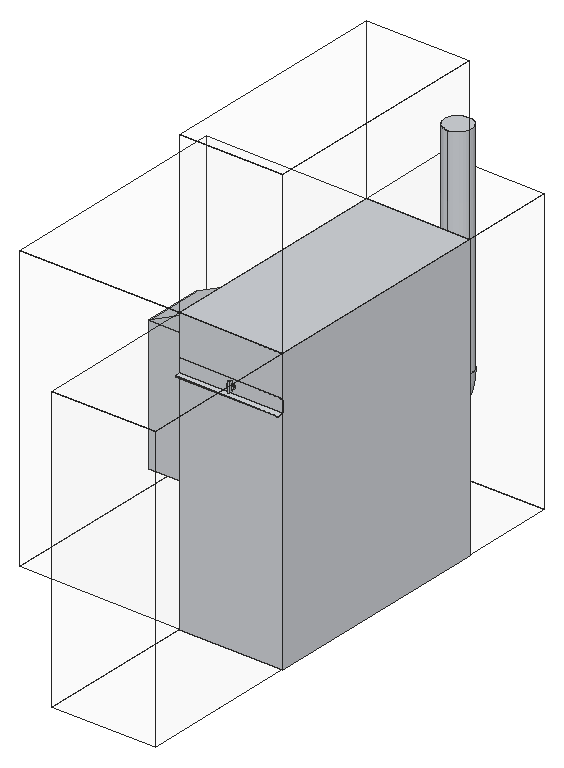
Revit family "Outdoor Armor Water Heater OAN400-OA601", category Mechanical Equipment, Revit 2014
Parameters (values of type "OAN601")
  WATER CONN SIZE = Water Conn Radius * 2  # 2"
  SES BIM Studio # = "16 0649 04-2"
  Water Outlet Radius = 11 3/4"
  J_Flue Depth = Center of Flue + Flue Radius  # 9 1/2"
  H_Gas Conn Offset from Back = 3 1/2"
  F_ Water Outlet Offset from Back = 14 1/4"
  Water Conn Radius = 1"
  G_Water Inlet Offset from Back = 3 1/2"
  WIDTH = 15 1/2"
  Voltage/Heater = "120"
  Voltage/Control = "24"
  URL = "http://www.lochinvar.com/products/Default.aspx?type=ProductLine&lineID=195"
  Total Amps = "1.5"
  Model = "OAN601"
  Manufacturer = "Lochinvar"
  MODEL NO. = Model  # "OAN601"
  Gas Conn Radius = 1/2"
  H_Gas Conn Offset from Left = 4 1/2"
  I_Gas Conn Height = 32 3/4"
  GAS CONN SIZE = Gas Conn Radius * 2  # 1"
  GALLON CAPACITY = ""
  Flue Radius = 2"
  VENT SIZE = Flue Radius * 2  # 4"
  D_ Drain Offset From Back = 21"
  C_ DEPTH = 35"
  INPUT RATE (BTUH) = "600,000"
  Center of Flue = 7 1/2"
  A_HEIGHT = 42 1/2"
  FUEL TYPE = "NATURAL GAS"
  Description = "Armor Outdoor Water Heater"
  Fuel Type = "Natural or LP"
  E_Condensate Drain Offset from Back = 25"
  K_Flue Height = 52"
  # of Electrical Connections = "1"
Types (4): name | J_Flue Depth | H_Gas Conn Offset from Back | G_Water Inlet Offset from Back | Model | MODEL NO. | H_Gas Conn Offset from Left | I_Gas Conn Height | D_ Drain Offset From Back | C_ DEPTH | INPUT RATE (BTUH) | Center of Flue | E_Condensate Drain Offset from Back | K_Flue Height
  (no name) | 9 1/2" | 3 1/2" | 3 1/2" | "OAN601" | "OAN601" | 4 1/2" | 32 3/4" | 21" | 35" | "600,000" | 7 1/2" | 25" | 52"
  OAN400 | 9 3/4" | 7" | 3 1/2" | "OAN400" | "OAN400" | 4 1/4" | 34" | 21" | 25 1/4" | "399,000" | 7 3/4" | 20 3/4" | 52"
  OAN501 | 9 3/4" | 3 1/2" | 3 3/4" | "OAN501" | "OAN501" | 3 1/2" | 35 1/4" | 21 1/4" | 31 1/2" | "500,000" | 7 3/4" | 25" | 52 3/4"
  OAN601 | 9 1/2" | 3 1/2" | 3 1/2" | "OAN601" | "OAN601" | 4 1/2" | 32 3/4" | 21" | 35" | "600,000" | 7 1/2" | 25" | 52"
Reference planes (in)
  plane 1 "Center (Front/Back)": y = 6.125
  plane 2: z = 0
  plane 3 "Center (Left/Right)": x = -1.39218
  plane 4 "Back": y = 23.625
  plane 5 "Front": y = -11.375
  plane 6 "Top": z = 42.5
  plane 7 "Right": x = 6.35782
  plane 8 "Left": x = -9.14218
  plane 9 "Front Clearance": y = -35.375
  plane 10 "Back Clearance": y = 37.625
  plane 11 "Left Clearance": x = -33.14218
  plane 12 "Top Clearance": z = 66.5
  plane 13 "Air Inlet Front": x = -15.39218
  plane 14 "Air Inlet Right": y = -9.375
  plane 15 "Air Inlet Left": y = -0.375
  plane 16 "Air Inlet Bottom": z = 18.5
  plane 17 "Air Inlet Top": z = 41.5
  plane 18: z = 52
Forms (in)
  Extrusion 1, solid
    sketch origin (-38.1296, -180, 3) x (-1, 0, 0) y (0, -1, 0)
      loop
        line (-28.98742, -203.625) -> (-28.98742, -168.625) -> (-44.48742, -168.625) -> (-44.48742, -203.625) -> (-28.98742, -203.625)
    from 39.5 to -3
  Extrusion 2, solid, material "Clearance"
    sketch origin (-15.62351, 24, -0.75) x (1, 0, 0) y (0, 1, 0)
      loop
        line (6.48133, 13.625) -> (6.48133, -0.375) -> (21.98133, -0.375) -> (21.98133, 13.625) -> (6.48133, 13.625)
    from 0.75 to 43.25
  Extrusion 3, solid, material "Clearance"
    sketch origin (0, 0, 42.5) x (-1, 0, 0) y (0, -1, 0)
      loop
        line (9.14218, 11.375) -> (9.14218, 35.375) -> (-6.35782, 35.375) -> (-6.35782, 11.375) -> (9.14218, 11.375)
    from -42.5 to 0
  Extrusion 4, solid
    sketch origin (-7, 23.625, 14) x (1, 0, 0) y (0, 0, 1)
      loop
        circle (2.35782, 18.75) r 0.5
    from 0 to -2
  Extrusion 5, solid
    sketch origin (-9.14218, 0, 0) x (0, 1, 0) y (0, 0, 1)
      loop
        circle (20.125, 15.5) r 1
    from 0 to -1
  Extrusion 6, solid
    sketch origin (-9.14218, 0, 0) x (0, 1, 0) y (0, 0, 1)
      loop
        circle (9.375, 15.5) r 1
    from 0 to -1
  Extrusion 7, solid
    sketch origin (-9.14218, 0, 2.75) x (0, 1, 0) y (0, 0, 1)
      loop
        circle (-1.375, 6.5) r 0.5
    from 0 to -1
  Extrusion 8, solid
    sketch origin (-9.14218, 0.5, 6.5) x (0, 1, 0) y (0, 0, 1)
      loop
        circle (19.625, 24.75) r 0.5
    from 0 to -1
  Extrusion 9, solid, material "Clearance"
    sketch origin (-24, 14, 42.5) x (-1, 0, 0) y (0, -1, 0)
      loop
        line (9.14218, -9.625) -> (9.14218, 25.375) -> (-14.85782, 25.375) -> (-14.85782, -9.625) -> (9.14218, -9.625)
    from -42.5 to 0
  Extrusion 10, solid, material "Clearance"
    sketch origin (-38.1296, -180, 27) x (-1, 0, 0) y (0, -1, 0)
      loop
        line (-28.98742, -203.625) -> (-28.98742, -168.625) -> (-44.48742, -168.625) -> (-44.48742, -203.625) -> (-28.98742, -203.625)
    from 39.5 to 15.5
  Extrusion 11, solid
    sketch origin (4.25, 23.625, 3.28161) x (1, 0, 0) y (0, 0, 1)
      loop
        circle (-0.64218, 35.96839) r 0.75
    from 0 to -1
  Extrusion 12, solid
    sketch origin (-9.14218, -41, -4) x (0, 1, 0) y (0, 0, 1)
      loop
        line (31.625, 42.5) -> (31.625, 22.5) -> (40.625, 22.5) -> (40.625, 42.5) -> (31.625, 42.5)
    from 0 to -6.25
  Extrusion 13, solid
    sketch origin (0, -11.375, 0) x (1, 0, 0) y (0, 0, 1)
      loop
        line (-15.39218, 38.5) -> (-9.14218, 38.5) -> (-9.14218, 41.5) -> (-15.39218, 38.5)
    from -2 to -11
  Sweep 14, solid
    path origin (-9.14218, 0, 0) x (0, 1, 0) y (0, 0, 1)
      loop
        line (23.625, 13.75) -> (25.625, 13.75)
        arc (25.625, 13.75) -> (29.51409, 15.36091) -> (31.125, 19.25) r 5.5
        line (31.125, 19.25) -> (31.125, 52)
    profile origin (-9.14218, 24.625, 13.75) x (0, 0, 1) y (1, 0, 0)
      loop
        circle (0, 7.75) r 2
  Extrusion 15, solid
    sketch origin (-9.14218, 0, 6.5) x (0, 1, 0) y (0, 0, 1)
      loop
        circle (2.625, 6.5) r 0.37579
    from 0 to -1
  Extrusion 16, solid
    sketch origin (-1.39218, 12.75, 0) x (0, 1, 0) y (0, 0, 1)
      loop
        line (14.875, 20.5) -> (10.875, 23.5) -> (10.875, 8.5) -> (14.875, 8.5) -> (14.875, 20.5)
    from 4.5 to -4.5
  Extrusion 17, solid
    sketch origin (-1.39218, 0, 0) x (0, 1, 0) y (0, 0, 1)
      loop
        line (-11.375, 36.5) -> (-11.4411, 36.5) -> (-11.4411, 34.57915) -> (-12.16555, 34.38504) -> (-12.14133, 34.29466) -> (-11.375, 34.5) -> (-11.375, 36.5)
    from 7.75 to -7.75
  Extrusion 18, solid
    sketch origin (0, -11.375, 0) x (1, 0, 0) y (0, 0, 1)
      loop
        line (-1.51887, 36.25) -> (-1.51887, 34.75) -> (-1.26549, 34.75) -> (-1.26549, 36.25) -> (-1.51887, 36.25)
    from 0 to 0.5
  Extrusion 19, solid
    sketch origin (0, -11.375, 0) x (1, 0, 0) y (0, 0, 1)
      loop
        circle (-1.39218, 35.5) r 0.5
    from 0 to 0.25
Lines and regions (in)
  symbolic lines, style "Clearance"
    curve 1: line (-9.14218, 37.625, 0) -> (6.35782, 37.625, 0)
    curve 2: line (6.35782, 37.625, 0) -> (6.35782, 23.625, 0)
    curve 3: line (-9.14218, 37.625, 0) -> (-9.14218, 23.625, 0)
    curve 4: line (-9.14218, 23.625, 0) -> (-33.14218, 23.625, 0)
    curve 5: line (-33.14218, 23.625, 0) -> (-33.14218, -11.375, 0)
    curve 6: line (-33.14218, -11.375, 0) -> (-9.14218, -11.375, 0)
    curve 7: line (-9.14218, -11.375, 0) -> (-9.14218, -35.375, 0)
    curve 8: line (-9.14218, -35.375, 0) -> (6.35782, -35.375, 0)
    curve 9: line (6.35782, -35.375, 0) -> (6.35782, -11.375, 0)
  symbolic lines
    curve 10: line (-9.14218, 23.625, 0) -> (6.35782, 23.625, 0)
    curve 11: line (-9.14218, -11.375, 0) -> (-9.14218, 23.625, 0)
    curve 12: line (6.35782, -11.375, 0) -> (-9.14218, -11.375, 0)
    curve 13: line (6.35782, 23.625, 0) -> (6.35782, -11.375, 0)
Dimensions and locks (in)
  "A_HEIGHT": plane 6 "Top" to level
  equal spacing: plane 8 "Left", plane 3 "Center (Left/Right)", plane 7 "Right"
  "WIDTH": plane 8 "Left" to plane 7 "Right"
  equal spacing: plane 5 "Front", plane 1 "Center (Front/Back)", plane 4 "Back"
  "C_ DEPTH": plane 5 "Front" to plane 4 "Back"
  locked: plane 9 "Front Clearance" to plane 5 "Front" at 24
  "H_Gas Conn Offset from Left": Extrusion 4 sketch curve to plane 8 "Left"
  "I_Gas Conn Height": level to Extrusion 4 sketch curve
  locked: Extrusion 1 to Extrusion 5 at 15.5
  "F_ Water Outlet Offset from Back": plane 4 "Back" to Extrusion 6 sketch curve
  locked: Extrusion 1 to Extrusion 7 at 9.25
  "E_Condensate Drain Offset from Back": plane 4 "Back" to Extrusion 7 sketch curve
  "G_Water Inlet Offset from Back": plane 4 "Back" to Extrusion 5 sketch curve
  plane 12 "Top Clearance" to plane 6 "Top" = 24"
  Extrusion 10 to Extrusion 4 sketch curve = 5"
  locked: plane 11 "Left Clearance" to plane 8 "Left" at 24
  locked: plane 4 "Back" to plane 10 "Back Clearance" at 14
  level to Extrusion 11 sketch curve = 39 1/4"
  locked: plane 14 "Air Inlet Right" to plane 5 "Front" at 2
  locked: plane 15 "Air Inlet Left" to plane 14 "Air Inlet Right" at 9
  locked: plane 7 "Right" to plane 13 "Air Inlet Front" at 21.75
  "H_Gas Conn Offset from Back": plane 4 "Back" to Extrusion 8 sketch curve
  "K_Flue Height": plane 18 to level
  "Center of Flue": Sweep 14 sketch curve to plane 4 "Back"
  Sweep 14 sketch curve to level = 13 3/4"
  "D_ Drain Offset From Back": plane 4 "Back" to Extrusion 15 sketch curve
  Extrusion 15 sketch curve to level = 13"
  Extrusion 18 sketch curve to Extrusion 18 sketch curve = 0.25338"
  "Gas Conn Radius": radius of Extrusion 4 sketch curve
  "Water Conn Radius": radius of Extrusion 5 sketch curve
  "Water Conn Radius": radius of Extrusion 6 sketch curve
  radius of Extrusion 7 sketch curve = 1/2"
  "Gas Conn Radius": radius of Extrusion 8 sketch curve
  "Flue Radius": radius of Sweep 14 sketch curve
  radius of Extrusion 15 sketch curve = 0.37579"
  aligned and locked: plane 5 "Front" to Extrusion 1
  aligned and locked: Extrusion 1 to level
  aligned and locked: Extrusion 3 sketch curve to Extrusion 1  (x2)
  aligned and locked: plane 7 "Right" to Extrusion 3 sketch curve
  aligned and locked: Extrusion 3 to Extrusion 1
  aligned and locked: Extrusion 2 to Extrusion 1  (x4)
  aligned and locked: plane 4 "Back" to Extrusion 2
  aligned and locked: Extrusion 2 to plane 8 "Left"
  aligned and locked: Extrusion 2 to plane 7 "Right"
  aligned and locked: Extrusion 1 to plane 7 "Right"
  aligned and locked: Extrusion 3 to plane 5 "Front"
  aligned and locked: Extrusion 1 to plane 4 "Back"
  aligned and locked: plane 6 "Top" to Extrusion 1
  aligned and locked: plane 6 "Top" to Extrusion 2
  aligned and locked: Extrusion 2 to plane 10 "Back Clearance"
  aligned and locked: plane 5 "Front" to Extrusion 9
  aligned and locked: plane 8 "Left" to Extrusion 9
  aligned and locked: Extrusion 9 to plane 11 "Left Clearance"
  aligned and locked: Extrusion 9 to plane 4 "Back"
  aligned and locked: plane 12 "Top Clearance" to Extrusion 10
  aligned and locked: Extrusion 10 to plane 6 "Top"
  aligned and locked: Extrusion 10 to plane 7 "Right"
  aligned and locked: Extrusion 10 to plane 8 "Left"
  aligned and locked: Extrusion 9 to level
  aligned and locked: Extrusion 2 to Extrusion 3
  aligned and locked: Extrusion 12 to plane 13 "Air Inlet Front"
  aligned and locked: Extrusion 12 to plane 15 "Air Inlet Left"
  aligned and locked: plane 14 "Air Inlet Right" to Extrusion 12
  aligned and locked: Extrusion 12 to plane 16 "Air Inlet Bottom"
  aligned and locked: Extrusion 13 to Extrusion 12
  aligned and locked: Extrusion 12 to Extrusion 13
  aligned and locked: plane 18 to Sweep 14 sketch curve
  aligned and locked: plane 4 "Back" to Extrusion 16
Automatic sketch dimensions
  plane 5 "Front" to curve 6 = 0"
  curve 6 to plane 11 "Left Clearance" = 0"
  curve 11 to plane 8 "Left" = 0"
  curve 9 to plane 7 "Right" = 0"
  plane 9 "Front Clearance" to curve 8 = 0"
  plane 4 "Back" to curve 5 = 0"
  plane 10 "Back Clearance" to curve 1 = 0"
  plane 4 "Back" to Extrusion 1 sketch curve = 0"
  Extrusion 1 sketch curve to plane 7 "Right" = 0"
  plane 5 "Front" to Extrusion 1 sketch curve = 0"
  Extrusion 1 sketch curve to plane 8 "Left" = 0"
  plane 4 "Back" to Extrusion 2 sketch curve = 0"
  Extrusion 2 sketch curve to plane 8 "Left" = 0"
  Extrusion 2 sketch curve to plane 7 "Right" = 0"
  plane 10 "Back Clearance" to Extrusion 2 sketch curve = 0"
  plane 9 "Front Clearance" to Extrusion 3 sketch curve = 0"
  Extrusion 5 sketch curve to plane 16 "Air Inlet Bottom" = 3"
  Extrusion 6 sketch curve to plane 16 "Air Inlet Bottom" = 3"
  level to Extrusion 7 sketch curve = 9 1/4"
  plane 4 "Back" to Extrusion 9 sketch curve = 0"
  Extrusion 9 sketch curve to plane 8 "Left" = 0"
  plane 5 "Front" to Extrusion 9 sketch curve = 0"
  Extrusion 9 sketch curve to plane 11 "Left Clearance" = 0"
  plane 4 "Back" to Extrusion 10 sketch curve = 0"
  Extrusion 10 sketch curve to plane 7 "Right" = 0"
  plane 5 "Front" to Extrusion 10 sketch curve = 0"
  Extrusion 10 sketch curve to plane 8 "Left" = 0"
  plane 7 "Right" to Extrusion 11 sketch curve = 2 3/4"
  Extrusion 12 sketch curve to plane 14 "Air Inlet Right" = 0"
  Extrusion 12 sketch curve to plane 15 "Air Inlet Left" = 0"
  Extrusion 12 sketch curve to plane 16 "Air Inlet Bottom" = 0"
  Extrusion 12 sketch curve to plane 17 "Air Inlet Top" = 3"
  Extrusion 13 sketch curve to plane 13 "Air Inlet Front" = 0"
  Extrusion 13 sketch curve to plane 8 "Left" = 0"
  Extrusion 13 sketch curve to plane 17 "Air Inlet Top" = 0"
  Extrusion 13 sketch curve to plane 17 "Air Inlet Top" = 3"
  Extrusion 16 sketch curve to plane 1 "Center (Front/Back)" = 17 1/2"
  Extrusion 16 sketch curve to Extrusion 16 sketch curve = 4"
  level to Extrusion 16 sketch curve = 8 1/2"
  plane 16 "Air Inlet Bottom" to Extrusion 16 sketch curve = 2"
  Extrusion 16 sketch curve to Extrusion 16 sketch curve = 3"
  Extrusion 17 sketch curve to plane 5 "Front" = 0"
  Extrusion 17 sketch curve to Extrusion 17 sketch curve = 0.0661"
  Extrusion 17 sketch curve to Extrusion 17 sketch curve = 0.70023"
  Extrusion 17 sketch curve to Extrusion 17 sketch curve = 0.02422"
  Extrusion 17 sketch curve to plane 17 "Air Inlet Top" = 7.20534"
  Extrusion 17 sketch curve to Extrusion 17 sketch curve = 0.09038"
  Extrusion 17 sketch curve to Extrusion 17 sketch curve = 1.92085"
  Extrusion 19 sketch curve to plane 3 "Center (Left/Right)" = 0"
  Extrusion 19 sketch curve to plane 17 "Air Inlet Top" = 6"
  Extrusion 18 sketch curve to plane 3 "Center (Left/Right)" = 0.12669"
  plane 3 "Center (Left/Right)" to Extrusion 18 sketch curve = 0.12669"
  Extrusion 18 sketch curve to plane 17 "Air Inlet Top" = 6 3/4"
  Extrusion 18 sketch curve to Extrusion 18 sketch curve = 1 1/2"
  Extrusion 8 sketch curve to plane 17 "Air Inlet Top" = 10 1/4"
  Sweep 14 sketch curve to plane 4 "Back" = 0"
  plane 16 "Air Inlet Bottom" to Sweep 14 sketch curve = 3/4"
  Sweep 14 sketch curve to profile plane = 0"
  plane 8 "Left" to Sweep 14 sketch curve = 7 3/4"
  radius of Extrusion 11 sketch curve = 3/4"
  radius of Extrusion 19 sketch curve = 1/2"
Connectors (in)
  piping at (-10.14218, 20.125, 15.5), diameter 2, driven by "Water Conn Radius"
    settings: on Extrusion 5, index 3, connector inside diameter 1 1/2", connector length 0", flow factor 0, pipe flow 0 GPM, pressure drop 0.00 psi, fitting loss kfactor 0, connector angle 0.00°, fixture units 0, engagement length 0", angle of deflection 0.00°, flow configuration 1, flow direction 1, fitting loss method 0, system type 8, joint type 0, gender type 0, connector reference index -1, connector utility 0, adjustable connector no, is connector primary yes, connector description "Water Inlet"
  piping at (-10.14218, 9.375, 15.5), diameter 2, driven by "Water Conn Radius"
    settings: on Extrusion 6, index 4, connector inside diameter 1 1/2", connector length 0", flow factor 0, pipe flow 0 GPM, pressure drop 0.00 psi, fitting loss kfactor 0, connector angle 0.00°, fixture units 0, engagement length 0", angle of deflection 0.00°, flow configuration 0, flow direction 2, fitting loss method 0, system type 7, joint type 0, gender type 0, connector reference index -1, connector utility 0, adjustable connector no, is connector primary no, connector description "Water Outlet"
  piping at (-10.14218, 20.125, 31.25), diameter 1, driven by "Gas Conn Radius"
    settings: on Extrusion 8, index 5, connector inside diameter 1", connector length 0", flow factor 0, pipe flow 0 GPM, pressure drop 0.00 psi, fitting loss kfactor 0, connector angle 0.00°, fixture units 0, engagement length 0", angle of deflection 0.00°, flow configuration 1, flow direction 1, fitting loss method 0, system type 22, joint type 0, gender type 0, connector reference index -1, connector utility 0, adjustable connector no, is connector primary no, connector description "Gas"
  piping at (-10.14218, -1.375, 9.25), diameter 1
    settings: on Extrusion 7, index 6, connector inside diameter 1", connector length 0", flow factor 0, pipe flow 0 GPM, pressure drop 0.00 psi, fitting loss kfactor 0, connector angle 0.00°, fixture units 0, engagement length 0", angle of deflection 0.00°, flow configuration 3, flow direction 2, fitting loss method 0, system type 16, joint type 0, gender type 0, connector reference index -1, connector utility 0, adjustable connector no, is connector primary no, connector description "Condensate Drain"
  piping at (-4.64218, 25.625, 32.75), diameter 1, driven by "Gas Conn Radius"
    settings: on Extrusion 4, index 8, connector inside diameter 1", connector length 0", flow factor 0, pipe flow 0 GPM, pressure drop 0.00 psi, fitting loss kfactor 0, connector angle 0.00°, fixture units 0, engagement length 0", angle of deflection 0.00°, flow configuration 1, flow direction 1, fitting loss method 0, system type 22, joint type 0, gender type 0, connector reference index -1, connector utility 0, adjustable connector no, is connector primary no, connector description "Gas"
  electrical at (3.60782, 24.625, 39.25)
    settings: on Extrusion 11, index 9, voltage 0 V, apparent load 0 VA, apparent load phase1 0 VA, apparent load phase2 0 VA, apparent load phase3 0 VA, power factor 1, load classification "Other", number of poles 1, system type 30, power factor state 1, is connector primary yes, connector utility no, sub classification motor no, connector description "Line Voltage"
  hvac at (-1.39218, 31.125, 52), driven by "Flue Radius"
    settings: on Sweep 14, index 10, duct flow 0 CFM, flow factor 0, pres drop 0.00 in-wg, loss coef 0, conn angle 0.00°, conn width 12", conn height 12", conn diameter 4", duct sys type 3, conn prof type 0, flow config 0, flow direction 2, loss method 0, conn ref index -1, conn util no, is conn primary yes, conn desc "Flue"
  piping at (-10.14218, 2.625, 13), diameter 0.75
    settings: on Extrusion 15, index 11, connector inside diameter 3/4", connector length 0", flow factor 0, pipe flow 0 GPM, pressure drop 0.00 psi, fitting loss kfactor 0, connector angle 0.00°, fixture units 0, engagement length 0", angle of deflection 0.00°, flow configuration 3, flow direction 2, fitting loss method 0, system type 16, joint type 0, gender type 0, connector reference index -1, connector utility 0, adjustable connector no, is connector primary no, connector description "Drain"
